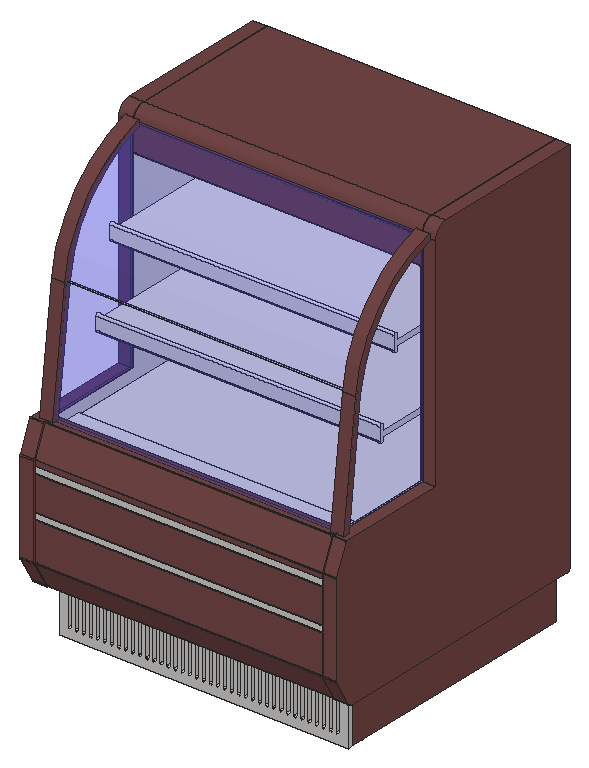
Revit family "QF_Turbo Air_TCGB-36-2", category Specialty Equipment, Revit 2014
Parameters
  Weight in Pounds = 417
  Watermarked By = ""
  Volts = 115 V
  Vent Material = QF_Stainless-Polished
  URL Cutsheet = ""
  URL = "www.turboairinc.com"
  Status [instance] = ""
  Specification by User [instance] = ""
  Specification by Manufacturer [instance] = ""
  Serial Number [instance] = ""
  Revision Code [instance] = ""
  Phase = 1
  Number of Poles [instance] = 1
  NAFEM Spec ID Number [instance] = ""
  Model = "TCGB-36-2"
  Masterspec [instance] = ""
  Manufacturer = "Turbo Air"  # constant formula
  Item Number [instance] = "-"
  Installed By [instance] = ""
  HP = "1/3"
  Furnished By [instance] = ""
  Foodservice Equipment Identifier = yes
  FL Amps = 6.5 A
  Exterior Material = QF_Plastic-Red Wine
  Electrical Remarks [instance] = ""
  Electric Connection Type [instance] = ""
  Elec Conn RI Height [instance] = 0' - 0"
  Elec Conn Connection Height = 0' - 6"
  Description = "Bakery Case"
  Cycle = 60 Hz
  Conn Plug = "NEMA 5-15P"
  CSI MasterFormat = "11 41 13"
  Assembly Code = "E1090320"
  Apparent Power = if(Phase = 3, Volts * FL Amps * 1.73, Volts * FL Amps)  # 747.5 VA
Reference planes (in)
  plane 1 "Handle Back": y = 0
  plane 2: z = 0
  plane 3 "LEFT": x = -16.56573
  plane 4 "RIGHT": x = 19.93427
  plane 5 "FRONT": y = -34.25
  plane 6 "Bottom": z = 0.3125
  plane 7 "Inside Left": x = -14.94073
  plane 8 "Inside Right": x = 18.30927
  plane 9 "BACK": y = -0.75
  plane 10 "Panel Lower": z = 23.25
  plane 11 "Inside Bottom": z = 21.125
  plane 12 "Panel Bottom": z = 6.0625
  plane 13 "TOP": z = 50.125
  plane 14 "Bottom Front": y = -30
  plane 15 "Door Left": x = -13.62823
  plane 16 "Door Right": x = 16.99677
  plane 17 "Lower Shelf": z = 30.6875
  plane 18 "Upper Shelf": z = 39.1875
  plane 19 "Door Top": z = 46.5625
  plane 20 "Door Bottom": z = 22.3125
  plane 21 "CENTER LR": x = 1.68427
Forms (in)
  Extrusion 1, solid, material "QF_Plastic-Red Wine" <- "Exterior Material"
    sketch origin (-16.56573, 0, 0) x (0, 1, 0) y (0, 0, 1)
      loop
        arc (-1.125, 6.0625) -> (-0.85983, 6.17233) -> (-0.75, 6.4375) r 0.375
        line (-0.75, 6.4375) -> (-0.75, 50.125) -> (-18.5, 50.125)
        arc (-18.5, 50.125) -> (-19.56066, 49.68566) -> (-20, 48.625) r 1.5
        line (-20, 48.625) -> (-20, 23.25) -> (-32.77179, 23.25)
        arc (-32.77179, 23.25) -> (-32.8059, 23.23987) -> (-32.82896, 23.21277) r 0.0625
        line (-32.82896, 23.21277) -> (-34.21799, 20.07001)
        arc (-34.21799, 20.07001) -> (-34.24191, 19.99589) -> (-34.25, 19.91842) r 0.375
        line (-34.25, 19.91842) -> (-34.25, 9.41058)
        arc (-34.25, 9.41058) -> (-34.23722, 9.31352) -> (-34.19976, 9.22308) r 0.375
        line (-34.19976, 9.22308) -> (-32.48325, 6.25)
        arc (-32.48325, 6.25) -> (-32.34599, 6.11274) -> (-32.15849, 6.0625) r 0.375
        line (-32.15849, 6.0625) -> (-1.125, 6.0625)
    from 0 to 1.625
  Extrusion 2, solid, material "QF_Plastic-Red Wine" <- "Exterior Material"
    sketch origin (19.93427, 0, 0) x (0, 1, 0) y (0, 0, 1)
      loop
        arc (-1.125, 6.0625) -> (-0.85983, 6.17233) -> (-0.75, 6.4375) r 0.375
        line (-0.75, 6.4375) -> (-0.75, 50.125) -> (-18.5, 50.125)
        arc (-18.5, 50.125) -> (-19.56066, 49.68566) -> (-20, 48.625) r 1.5
        line (-20, 48.625) -> (-20, 23.25) -> (-32.77179, 23.25)
        arc (-32.77179, 23.25) -> (-32.8059, 23.23987) -> (-32.82896, 23.21277) r 0.0625
        line (-32.82896, 23.21277) -> (-34.21799, 20.07001)
        arc (-34.21799, 20.07001) -> (-34.24191, 19.99589) -> (-34.25, 19.91842) r 0.375
        line (-34.25, 19.91842) -> (-34.25, 9.41058)
        arc (-34.25, 9.41058) -> (-34.23722, 9.31352) -> (-34.19976, 9.22308) r 0.375
        line (-34.19976, 9.22308) -> (-32.48325, 6.25)
        arc (-32.48325, 6.25) -> (-32.34599, 6.11274) -> (-32.15849, 6.0625) r 0.375
        line (-32.15849, 6.0625) -> (-1.125, 6.0625)
    from 0 to -1.625
  Extrusion 3, solid, material "QF_Plastic-Red Wine" <- "Exterior Material"
    sketch origin (-14.94073, 0, 0) x (0, 1, 0) y (0, 0, 1)
      loop
        line (-31.625, 23.25) -> (-29.95691, 36.83548)
        arc (-29.95691, 36.83548) -> (-26.72363, 44.11107) -> (-20, 48.375) r 13.75
        line (-20, 48.375) -> (-20, 48.625)
        arc (-20, 48.625) -> (-19.97988, 48.86988) -> (-19.92004, 49.10819) r 1.5
        arc (-19.92004, 49.10819) -> (-27.15455, 44.66306) -> (-30.63919, 36.92003) r 14.4375
        line (-30.63919, 36.92003) -> (-32.31766, 23.25) -> (-31.625, 23.25)
    from -0.875 to 0.625
  Extrusion 4, solid, material "QF_Plastic-Red Wine" <- "Exterior Material"
    sketch origin (18.30927, 0, 0) x (0, 1, 0) y (0, 0, 1)
      loop
        line (-31.625, 23.25) -> (-29.95691, 36.83548)
        arc (-29.95691, 36.83548) -> (-26.72363, 44.11107) -> (-20, 48.375) r 13.75
        line (-20, 48.375) -> (-20, 48.625)
        arc (-20, 48.625) -> (-19.97988, 48.86988) -> (-19.92004, 49.10819) r 1.5
        arc (-19.92004, 49.10819) -> (-27.15455, 44.66306) -> (-30.63919, 36.92003) r 14.4375
        line (-30.63919, 36.92003) -> (-32.31766, 23.25) -> (-31.625, 23.25)
    from 0.875 to -0.625
  Extrusion 5, solid, material "QF_Glass-Cast-Clear"
    sketch origin (-14.94073, 0, 0) x (0, 1, 0) y (0, 0, 1)
      loop
        arc (-20, 48.375) -> (-26.72363, 44.11107) -> (-29.95691, 36.83548) r 13.75
        line (-29.95691, 36.83548) -> (-31.625, 23.25) -> (-20, 23.25) -> (-20, 48.375)
    from 0 to -0.25
  Extrusion 6, solid, material "QF_Glass-Cast-Clear"
    sketch origin (18.30927, 0, 0) x (0, 1, 0) y (0, 0, 1)
      loop
        arc (-20, 48.375) -> (-26.72363, 44.11107) -> (-29.95691, 36.83548) r 13.75
        line (-29.95691, 36.83548) -> (-31.625, 23.25) -> (-20, 23.25) -> (-20, 48.375)
    from 0 to 0.25
  Extrusion 7, solid, material "QF_Plastic-Red Wine" <- "Exterior Material"
    sketch origin (-14.94073, 0, 0) x (0, 1, 0) y (0, 0, 1)
      loop
        line (-0.75, 50.125) -> (-18.5, 50.125)
        arc (-18.5, 50.125) -> (-19.56066, 49.68566) -> (-20, 48.625) r 1.5
        line (-20, 48.625) -> (-20, 45.5)
        arc (-20, 45.5) -> (-19.9375, 45.4375) -> (-19.875, 45.5) r 0.0625
        line (-19.875, 45.5) -> (-19.875, 48.625)
        arc (-19.875, 48.625) -> (-19.81819, 49.01616) -> (-19.65244, 49.375) r 1.375
        line (-19.65244, 49.375) -> (-3.125, 49.375) -> (-3.125, 46.5625) -> (-0.75, 46.5625) -> (-0.75, 50.125)
      loop
        line (-0.75, 14.3125) -> (-0.75, 22.3125) -> (-3.125, 22.3125) -> (-3.125, 14.3125) -> (-0.75, 14.3125)
    from 0 to 33.25
  Extrusion 8, solid, material "QF_Plastic-Red Wine" <- "Exterior Material"
    sketch origin (0, 0, 0.3125) x (0, 1, 0) y (-1, 0, 0)
      loop
        line (-0.75, 14.94073) -> (-30, 14.94073) -> (-30, -18.30927) -> (-0.75, -18.30927) -> (-0.75, 14.94073)
      loop
        line (-29.75, 14.69073) -> (-29.75, -18.05927) -> (-1, -18.05927) -> (-1, 14.69073) -> (-29.75, 14.69073)
    from 0 to 14
  Extrusion 9, solid, material "QF_Plastic-Red Wine" <- "Exterior Material"
    sketch origin (0, 0, 0.3125) x (0, 1, 0) y (-1, 0, 0)
      loop
        line (-29.75, -18.05927) -> (-1, -18.05927) -> (-1, 14.69073) -> (-29.75, 14.69073) -> (-29.75, -18.05927)
    from 0 to 0.25
  Extrusion 10, solid, material "QF_Stainless-Polished" <- "Vent Material"
    sketch origin (0, -30, 0) x (1, 0, 0) y (0, 0, 1)
      loop
        line (-14.94073, 6.1875) -> (-14.94073, 0.3125) -> (18.30927, 0.3125) -> (18.30927, 6.1875) -> (-14.94073, 6.1875)
    from 0 to 0.5625
  Extrusion 11, void
    sketch origin (0, -30, 0) x (1, 0, 0) y (0, 0, 1)
      loop
        arc (-13.94073, 1.5625) -> (-13.75323, 1.375) -> (-13.56573, 1.5625) r 0.1875
        line (-13.56573, 1.5625) -> (-13.56573, 5.125)
        arc (-13.56573, 5.125) -> (-13.75323, 5.3125) -> (-13.94073, 5.125) r 0.1875
        line (-13.94073, 5.125) -> (-13.94073, 1.5625)
      loop
        arc (-13.12823, 1.5625) -> (-12.94073, 1.375) -> (-12.75323, 1.5625) r 0.1875
        line (-12.75323, 1.5625) -> (-12.75323, 5.125)
        arc (-12.75323, 5.125) -> (-12.94073, 5.3125) -> (-13.12823, 5.125) r 0.1875
        line (-13.12823, 5.125) -> (-13.12823, 1.5625)
      loop
        arc (-12.31573, 1.5625) -> (-12.12823, 1.375) -> (-11.94073, 1.5625) r 0.1875
        line (-11.94073, 1.5625) -> (-11.94073, 5.125)
        arc (-11.94073, 5.125) -> (-12.12823, 5.3125) -> (-12.31573, 5.125) r 0.1875
        line (-12.31573, 5.125) -> (-12.31573, 1.5625)
      loop
        arc (-11.50323, 1.5625) -> (-11.31573, 1.375) -> (-11.12823, 1.5625) r 0.1875
        line (-11.12823, 1.5625) -> (-11.12823, 5.125)
        arc (-11.12823, 5.125) -> (-11.31573, 5.3125) -> (-11.50323, 5.125) r 0.1875
        line (-11.50323, 5.125) -> (-11.50323, 1.5625)
      loop
        arc (-10.69073, 1.5625) -> (-10.50323, 1.375) -> (-10.31573, 1.5625) r 0.1875
        line (-10.31573, 1.5625) -> (-10.31573, 5.125)
        arc (-10.31573, 5.125) -> (-10.50323, 5.3125) -> (-10.69073, 5.125) r 0.1875
        line (-10.69073, 5.125) -> (-10.69073, 1.5625)
      loop
        arc (-9.87823, 1.5625) -> (-9.69073, 1.375) -> (-9.50323, 1.5625) r 0.1875
        line (-9.50323, 1.5625) -> (-9.50323, 5.125)
        arc (-9.50323, 5.125) -> (-9.69073, 5.3125) -> (-9.87823, 5.125) r 0.1875
        line (-9.87823, 5.125) -> (-9.87823, 1.5625)
      loop
        arc (-9.06573, 1.5625) -> (-8.87823, 1.375) -> (-8.69073, 1.5625) r 0.1875
        line (-8.69073, 1.5625) -> (-8.69073, 5.125)
        arc (-8.69073, 5.125) -> (-8.87823, 5.3125) -> (-9.06573, 5.125) r 0.1875
        line (-9.06573, 5.125) -> (-9.06573, 1.5625)
      loop
        arc (-8.25323, 1.5625) -> (-8.06573, 1.375) -> (-7.87823, 1.5625) r 0.1875
        line (-7.87823, 1.5625) -> (-7.87823, 5.125)
        arc (-7.87823, 5.125) -> (-8.06573, 5.3125) -> (-8.25323, 5.125) r 0.1875
        line (-8.25323, 5.125) -> (-8.25323, 1.5625)
      loop
        arc (-7.44073, 1.5625) -> (-7.25323, 1.375) -> (-7.06573, 1.5625) r 0.1875
        line (-7.06573, 1.5625) -> (-7.06573, 5.125)
        arc (-7.06573, 5.125) -> (-7.25323, 5.3125) -> (-7.44073, 5.125) r 0.1875
        line (-7.44073, 5.125) -> (-7.44073, 1.5625)
      loop
        arc (-6.62823, 1.5625) -> (-6.44073, 1.375) -> (-6.25323, 1.5625) r 0.1875
        line (-6.25323, 1.5625) -> (-6.25323, 5.125)
        arc (-6.25323, 5.125) -> (-6.44073, 5.3125) -> (-6.62823, 5.125) r 0.1875
        line (-6.62823, 5.125) -> (-6.62823, 1.5625)
      loop
        arc (-5.81573, 1.5625) -> (-5.62823, 1.375) -> (-5.44073, 1.5625) r 0.1875
        line (-5.44073, 1.5625) -> (-5.44073, 5.125)
        arc (-5.44073, 5.125) -> (-5.62823, 5.3125) -> (-5.81573, 5.125) r 0.1875
        line (-5.81573, 5.125) -> (-5.81573, 1.5625)
      loop
        arc (-5.00323, 1.5625) -> (-4.81573, 1.375) -> (-4.62823, 1.5625) r 0.1875
        line (-4.62823, 1.5625) -> (-4.62823, 5.125)
        arc (-4.62823, 5.125) -> (-4.81573, 5.3125) -> (-5.00323, 5.125) r 0.1875
        line (-5.00323, 5.125) -> (-5.00323, 1.5625)
      loop
        arc (-4.19073, 1.5625) -> (-4.00323, 1.375) -> (-3.81573, 1.5625) r 0.1875
        line (-3.81573, 1.5625) -> (-3.81573, 5.125)
        arc (-3.81573, 5.125) -> (-4.00323, 5.3125) -> (-4.19073, 5.125) r 0.1875
        line (-4.19073, 5.125) -> (-4.19073, 1.5625)
      loop
        arc (-3.37823, 1.5625) -> (-3.19073, 1.375) -> (-3.00323, 1.5625) r 0.1875
        line (-3.00323, 1.5625) -> (-3.00323, 5.125)
        arc (-3.00323, 5.125) -> (-3.19073, 5.3125) -> (-3.37823, 5.125) r 0.1875
        line (-3.37823, 5.125) -> (-3.37823, 1.5625)
      loop
        arc (-2.56573, 1.5625) -> (-2.37823, 1.375) -> (-2.19073, 1.5625) r 0.1875
        line (-2.19073, 1.5625) -> (-2.19073, 5.125)
        arc (-2.19073, 5.125) -> (-2.37823, 5.3125) -> (-2.56573, 5.125) r 0.1875
        line (-2.56573, 5.125) -> (-2.56573, 1.5625)
      loop
        arc (-1.75323, 1.5625) -> (-1.56573, 1.375) -> (-1.37823, 1.5625) r 0.1875
        line (-1.37823, 1.5625) -> (-1.37823, 5.125)
        arc (-1.37823, 5.125) -> (-1.56573, 5.3125) -> (-1.75323, 5.125) r 0.1875
        line (-1.75323, 5.125) -> (-1.75323, 1.5625)
      loop
        arc (-0.94073, 1.5625) -> (-0.75323, 1.375) -> (-0.56573, 1.5625) r 0.1875
        line (-0.56573, 1.5625) -> (-0.56573, 5.125)
        arc (-0.56573, 5.125) -> (-0.75323, 5.3125) -> (-0.94073, 5.125) r 0.1875
        line (-0.94073, 5.125) -> (-0.94073, 1.5625)
      loop
        arc (-0.12823, 1.5625) -> (0.05927, 1.375) -> (0.24677, 1.5625) r 0.1875
        line (0.24677, 1.5625) -> (0.24677, 5.125)
        arc (0.24677, 5.125) -> (0.05927, 5.3125) -> (-0.12823, 5.125) r 0.1875
        line (-0.12823, 5.125) -> (-0.12823, 1.5625)
      loop
        arc (0.68427, 1.5625) -> (0.87177, 1.375) -> (1.05927, 1.5625) r 0.1875
        line (1.05927, 1.5625) -> (1.05927, 5.125)
        arc (1.05927, 5.125) -> (0.87177, 5.3125) -> (0.68427, 5.125) r 0.1875
        line (0.68427, 5.125) -> (0.68427, 1.5625)
      loop
        arc (1.49677, 1.5625) -> (1.68427, 1.375) -> (1.87177, 1.5625) r 0.1875
        line (1.87177, 1.5625) -> (1.87177, 5.125)
        arc (1.87177, 5.125) -> (1.68427, 5.3125) -> (1.49677, 5.125) r 0.1875
        line (1.49677, 5.125) -> (1.49677, 1.5625)
      loop
        arc (2.30927, 1.5625) -> (2.49677, 1.375) -> (2.68427, 1.5625) r 0.1875
        line (2.68427, 1.5625) -> (2.68427, 5.125)
        arc (2.68427, 5.125) -> (2.49677, 5.3125) -> (2.30927, 5.125) r 0.1875
        line (2.30927, 5.125) -> (2.30927, 1.5625)
      loop
        arc (3.12177, 1.5625) -> (3.30927, 1.375) -> (3.49677, 1.5625) r 0.1875
        line (3.49677, 1.5625) -> (3.49677, 5.125)
        arc (3.49677, 5.125) -> (3.30927, 5.3125) -> (3.12177, 5.125) r 0.1875
        line (3.12177, 5.125) -> (3.12177, 1.5625)
      loop
        arc (3.93427, 1.5625) -> (4.12177, 1.375) -> (4.30927, 1.5625) r 0.1875
        line (4.30927, 1.5625) -> (4.30927, 5.125)
        arc (4.30927, 5.125) -> (4.12177, 5.3125) -> (3.93427, 5.125) r 0.1875
        line (3.93427, 5.125) -> (3.93427, 1.5625)
      loop
        arc (4.74677, 1.5625) -> (4.93427, 1.375) -> (5.12177, 1.5625) r 0.1875
        line (5.12177, 1.5625) -> (5.12177, 5.125)
        arc (5.12177, 5.125) -> (4.93427, 5.3125) -> (4.74677, 5.125) r 0.1875
        line (4.74677, 5.125) -> (4.74677, 1.5625)
      loop
        arc (5.55927, 1.5625) -> (5.74677, 1.375) -> (5.93427, 1.5625) r 0.1875
        line (5.93427, 1.5625) -> (5.93427, 5.125)
        arc (5.93427, 5.125) -> (5.74677, 5.3125) -> (5.55927, 5.125) r 0.1875
        line (5.55927, 5.125) -> (5.55927, 1.5625)
      loop
        arc (6.37177, 1.5625) -> (6.55927, 1.375) -> (6.74677, 1.5625) r 0.1875
        line (6.74677, 1.5625) -> (6.74677, 5.125)
        arc (6.74677, 5.125) -> (6.55927, 5.3125) -> (6.37177, 5.125) r 0.1875
        line (6.37177, 5.125) -> (6.37177, 1.5625)
      loop
        arc (7.18427, 1.5625) -> (7.37177, 1.375) -> (7.55927, 1.5625) r 0.1875
        line (7.55927, 1.5625) -> (7.55927, 5.125)
        arc (7.55927, 5.125) -> (7.37177, 5.3125) -> (7.18427, 5.125) r 0.1875
        line (7.18427, 5.125) -> (7.18427, 1.5625)
      loop
        arc (7.99677, 1.5625) -> (8.18427, 1.375) -> (8.37177, 1.5625) r 0.1875
        line (8.37177, 1.5625) -> (8.37177, 5.125)
        arc (8.37177, 5.125) -> (8.18427, 5.3125) -> (7.99677, 5.125) r 0.1875
        line (7.99677, 5.125) -> (7.99677, 1.5625)
      loop
        arc (8.80927, 1.5625) -> (8.99677, 1.375) -> (9.18427, 1.5625) r 0.1875
        line (9.18427, 1.5625) -> (9.18427, 5.125)
        arc (9.18427, 5.125) -> (8.99677, 5.3125) -> (8.80927, 5.125) r 0.1875
        line (8.80927, 5.125) -> (8.80927, 1.5625)
      loop
        arc (9.62177, 1.5625) -> (9.80927, 1.375) -> (9.99677, 1.5625) r 0.1875
        line (9.99677, 1.5625) -> (9.99677, 5.125)
        arc (9.99677, 5.125) -> (9.80927, 5.3125) -> (9.62177, 5.125) r 0.1875
        line (9.62177, 5.125) -> (9.62177, 1.5625)
      loop
        arc (10.43427, 1.5625) -> (10.62177, 1.375) -> (10.80927, 1.5625) r 0.1875
        line (10.80927, 1.5625) -> (10.80927, 5.125)
        arc (10.80927, 5.125) -> (10.62177, 5.3125) -> (10.43427, 5.125) r 0.1875
        line (10.43427, 5.125) -> (10.43427, 1.5625)
      loop
        arc (11.24677, 1.5625) -> (11.43427, 1.375) -> (11.62177, 1.5625) r 0.1875
        line (11.62177, 1.5625) -> (11.62177, 5.125)
        arc (11.62177, 5.125) -> (11.43427, 5.3125) -> (11.24677, 5.125) r 0.1875
        line (11.24677, 5.125) -> (11.24677, 1.5625)
      loop
        arc (12.05927, 1.5625) -> (12.24677, 1.375) -> (12.43427, 1.5625) r 0.1875
        line (12.43427, 1.5625) -> (12.43427, 5.125)
        arc (12.43427, 5.125) -> (12.24677, 5.3125) -> (12.05927, 5.125) r 0.1875
        line (12.05927, 5.125) -> (12.05927, 1.5625)
      loop
        arc (12.87177, 1.5625) -> (13.05927, 1.375) -> (13.24677, 1.5625) r 0.1875
        line (13.24677, 1.5625) -> (13.24677, 5.125)
        arc (13.24677, 5.125) -> (13.05927, 5.3125) -> (12.87177, 5.125) r 0.1875
        line (12.87177, 5.125) -> (12.87177, 1.5625)
      loop
        arc (13.68427, 1.5625) -> (13.87177, 1.375) -> (14.05927, 1.5625) r 0.1875
        line (14.05927, 1.5625) -> (14.05927, 5.125)
        arc (14.05927, 5.125) -> (13.87177, 5.3125) -> (13.68427, 5.125) r 0.1875
        line (13.68427, 5.125) -> (13.68427, 1.5625)
      loop
        arc (14.49677, 1.5625) -> (14.68427, 1.375) -> (14.87177, 1.5625) r 0.1875
        line (14.87177, 1.5625) -> (14.87177, 5.125)
        arc (14.87177, 5.125) -> (14.68427, 5.3125) -> (14.49677, 5.125) r 0.1875
        line (14.49677, 5.125) -> (14.49677, 1.5625)
      loop
        arc (15.30927, 1.5625) -> (15.49677, 1.375) -> (15.68427, 1.5625) r 0.1875
        line (15.68427, 1.5625) -> (15.68427, 5.125)
        arc (15.68427, 5.125) -> (15.49677, 5.3125) -> (15.30927, 5.125) r 0.1875
        line (15.30927, 5.125) -> (15.30927, 1.5625)
      loop
        arc (16.12177, 1.5625) -> (16.30927, 1.375) -> (16.49677, 1.5625) r 0.1875
        line (16.49677, 1.5625) -> (16.49677, 5.125)
        arc (16.49677, 5.125) -> (16.30927, 5.3125) -> (16.12177, 5.125) r 0.1875
        line (16.12177, 5.125) -> (16.12177, 1.5625)
      loop
        arc (16.93427, 1.5625) -> (17.12177, 1.375) -> (17.30927, 1.5625) r 0.1875
        line (17.30927, 1.5625) -> (17.30927, 5.125)
        arc (17.30927, 5.125) -> (17.12177, 5.3125) -> (16.93427, 5.125) r 0.1875
        line (16.93427, 5.125) -> (16.93427, 1.5625)
    from -0.25 to 0.5625
  Extrusion 12, solid, material "QF_Plastic-Red Wine" <- "Exterior Material"
    sketch origin (-14.94073, 0, 0) x (0, 1, 0) y (0, 0, 1)
      loop
        line (-0.75, 46.5625) -> (-3.125, 46.5625) -> (-3.125, 22.3125) -> (-0.75, 22.3125) -> (-0.75, 46.5625)
    from 0 to 1.3125
  Extrusion 13, solid, material "QF_Plastic-Red Wine" <- "Exterior Material"
    sketch origin (18.30927, 0, 0) x (0, 1, 0) y (0, 0, 1)
      loop
        line (-0.75, 46.5625) -> (-3.125, 46.5625) -> (-3.125, 22.3125) -> (-0.75, 22.3125) -> (-0.75, 46.5625)
    from 0 to -1.3125
  Extrusion 14, solid, material "QF_Glass-Cast-Clear"
    sketch origin (-14.94073, 0, 0) x (0, 1, 0) y (0, 0, 1)
      loop
        arc (-30.01894, 36.84316) -> (-26.76529, 44.15845) -> (-20, 48.43986) r 13.8125
        line (-20, 48.43986) -> (-20, 48.625)
        arc (-20, 48.625) -> (-19.99639, 48.72898) -> (-19.98558, 48.83246) r 1.5
        arc (-19.98558, 48.83246) -> (-27.01031, 44.44827) -> (-30.39109, 36.88929) r 14.1875
        line (-30.39109, 36.88929) -> (-32.06579, 23.25) -> (-31.68797, 23.25) -> (-30.01894, 36.84316)
    from 0.625 to 32.625
  Extrusion 15, solid, material "QF_Plastic-Red Wine" <- "Exterior Material"
    sketch origin (-14.94073, 0, 0) x (0, 1, 0) y (0, 0, 1)
      loop
        line (-32.77708, 23.17553) -> (-34.17683, 20.00854)
        arc (-34.17683, 20.00854) -> (-34.1848, 19.98383) -> (-34.1875, 19.95801) r 0.125
        line (-34.1875, 19.95801) -> (-34.1875, 19.4219) -> (-33.8125, 19.4219) -> (-33.8125, 19.90522) -> (-32.49992, 22.875) -> (-31.20917, 22.875) -> (-31.20917, 23.25) -> (-32.66275, 23.25)
        arc (-32.66275, 23.25) -> (-32.73097, 23.22974) -> (-32.77708, 23.17553) r 0.125
      loop
        line (-34.17075, 9.29784) -> (-32.41108, 6.25)
        arc (-32.41108, 6.25) -> (-32.36533, 6.20425) -> (-32.30283, 6.1875) r 0.125
        line (-32.30283, 6.1875) -> (-30, 6.1875) -> (-30, 6.5625) -> (-32.15849, 6.5625) -> (-33.8125, 9.42732) -> (-33.8125, 13.8594) -> (-34.1875, 13.8594) -> (-34.1875, 9.36034)
        arc (-34.1875, 9.36034) -> (-34.18324, 9.32798) -> (-34.17075, 9.29784) r 0.125
      loop
        line (-34.1875, 18.6094) -> (-34.1875, 14.6094) -> (-33.8125, 14.6094) -> (-33.8125, 18.6094) -> (-34.1875, 18.6094)
    from 0 to 33.25
  Extrusion 16, solid, material "QF_Stainless-Polished"
    sketch origin (-14.94073, 0, 0) x (0, 1, 0) y (0, 0, 1)
      loop
        line (-34.1875, 19.3594) -> (-34.1875, 18.6719) -> (-33.8125, 18.6719) -> (-33.8125, 19.3594) -> (-34.1875, 19.3594)
      loop
        line (-34.1875, 14.5469) -> (-34.1875, 13.9219) -> (-33.8125, 13.9219) -> (-33.8125, 14.5469) -> (-34.1875, 14.5469)
    from 0 to 33.25
  Extrusion 17, solid, material "QF_Plastic-Opaque-White"
    sketch origin (-14.94073, 0, 0) x (0, 1, 0) y (0, 0, 1)
      loop
        line (-3.125, 21.125) -> (-28.125, 21.125) -> (-28.125, 22.25) -> (-31.20917, 22.25) -> (-31.20917, 22.875) -> (-32.49992, 22.875) -> (-33.8125, 19.90522) -> (-33.8125, 9.42732) -> (-32.15849, 6.5625) -> (-30, 6.5625) -> (-30, 14.3125) -> (-3.125, 14.3125) -> (-3.125, 21.125)
    from 0 to 33.25
  Extrusion 18, solid, material "QF_Plastic-Opaque-White"
    sketch origin (-14.94073, 0, 0) x (0, 1, 0) y (0, 0, 1)
      loop
        line (-3.125, 21.125) -> (-3.125, 49.375) -> (-5.875, 49.375) -> (-5.875, 21.125) -> (-3.125, 21.125)
    from 0 to 1.3125
  Extrusion 19, solid, material "QF_Plastic-Opaque-White"
    sketch origin (18.30927, 0, 0) x (0, 1, 0) y (0, 0, 1)
      loop
        line (-3.125, 21.125) -> (-3.125, 49.375) -> (-5.875, 49.375) -> (-5.875, 21.125) -> (-3.125, 21.125)
    from 0 to -1.3125
  Extrusion 20, solid, material "QF_Plastic-Opaque-White"
    sketch origin (-13.62823, 0, 0) x (0, 1, 0) y (0, 0, 1)
      loop
        line (-5.875, 49.375) -> (-5.875, 46.5625) -> (-3.125, 46.5625) -> (-3.125, 49.375) -> (-5.875, 49.375)
      loop
        line (-5.875, 21.125) -> (-3.125, 21.125) -> (-3.125, 22.3125) -> (-5.875, 22.3125) -> (-5.875, 21.125)
    from 0 to 30.625
  Extrusion 21, solid, material "QF_Plastic-Opaque-White"
    sketch origin (-14.94073, 0, 0) x (0, 1, 0) y (0, 0, 1)
      loop
        line (-5.875, 49.375) -> (-19.65244, 49.375)
        arc (-19.65244, 49.375) -> (-19.81819, 49.01616) -> (-19.875, 48.625) r 1.375
        line (-19.875, 48.625) -> (-19.875, 48.375) -> (-18.375, 48.375) -> (-18.375, 47.375) -> (-5.875, 47.375) -> (-5.875, 49.375)
    from 0 to 33.25
  Extrusion 22, solid, material "QF_Plastic-Opaque-White"
    sketch origin (-14.94073, 0, 0) x (0, 1, 0) y (0, 0, 1)
      loop
        line (-20, 45.5) -> (-20, 23.25) -> (-31.20917, 23.25) -> (-31.20917, 22.25) -> (-28.125, 22.25) -> (-28.125, 21.125) -> (-28.0625, 21.125) -> (-28.0625, 21.9375) -> (-7.5, 21.9375) -> (-7.5, 21.125) -> (-7.4375, 21.125) -> (-7.4375, 21.9375) -> (-5.9375, 21.9375) -> (-5.9375, 21.125) -> (-5.875, 21.125) -> (-5.875, 47.375) -> (-18.375, 47.375) -> (-18.375, 48.375) -> (-19.875, 48.375) -> (-19.875, 45.5)
        arc (-19.875, 45.5) -> (-19.9375, 45.4375) -> (-20, 45.5) r 0.0625
    from 0 to 0.0625
  Extrusion 23, solid, material "QF_Plastic-Opaque-White"
    sketch origin (18.30927, 0, 0) x (0, 1, 0) y (0, 0, 1)
      loop
        line (-20, 45.5) -> (-20, 23.25) -> (-31.20917, 23.25) -> (-31.20917, 22.25) -> (-28.125, 22.25) -> (-28.125, 21.125) -> (-28.0625, 21.125) -> (-28.0625, 21.9375) -> (-7.5, 21.9375) -> (-7.5, 21.125) -> (-7.4375, 21.125) -> (-7.4375, 21.9375) -> (-5.9375, 21.9375) -> (-5.9375, 21.125) -> (-5.875, 21.125) -> (-5.875, 47.375) -> (-18.375, 47.375) -> (-18.375, 48.375) -> (-19.875, 48.375) -> (-19.875, 45.5)
        arc (-19.875, 45.5) -> (-19.9375, 45.4375) -> (-20, 45.5) r 0.0625
    from 0 to -0.0625
  Extrusion 24, solid, material "QF_Plastic-Opaque-White"
    sketch origin (-14.94073, 0, 0) x (0, 1, 0) y (0, 0, 1)
      loop
        line (-5.9375, 21.125) -> (-5.9375, 21.9375) -> (-7.4375, 21.9375) -> (-7.4375, 21.125) -> (-5.9375, 21.125)
      loop
        line (-7.5, 21.9375) -> (-28.0625, 21.9375) -> (-28.0625, 21.125) -> (-7.5, 21.125) -> (-7.5, 21.9375)
    from 0 to 33.25
  Extrusion 25, solid, material "QF_Plastic-Opaque-White"
    sketch origin (-14.94073, 0, 0) x (0, 1, 0) y (0, 0, 1)
      loop
        line (-5.875, 30.6875) -> (-25.25, 30.6875) -> (-25.25, 31.25)
        arc (-25.25, 31.25) -> (-25.4375, 31.4375) -> (-25.625, 31.25) r 0.1875
        line (-25.625, 31.25) -> (-25.625, 29.6875)
        arc (-25.625, 29.6875) -> (-25.4375, 29.5) -> (-25.25, 29.6875) r 0.1875
        line (-25.25, 29.6875) -> (-25.25, 30.0625) -> (-5.875, 30.0625) -> (-5.875, 30.6875)
      loop
        line (-5.875, 39.1875) -> (-23.25, 39.1875) -> (-23.25, 39.75)
        arc (-23.25, 39.75) -> (-23.4375, 39.9375) -> (-23.625, 39.75) r 0.1875
        line (-23.625, 39.75) -> (-23.625, 38.1875)
        arc (-23.625, 38.1875) -> (-23.4375, 38) -> (-23.25, 38.1875) r 0.1875
        line (-23.25, 38.1875) -> (-23.25, 38.5625) -> (-5.875, 38.5625) -> (-5.875, 39.1875)
    from 0.25 to 33
  Extrusion 26, solid, material "QF_Plastic-Black-Fine Textured"
    sketch origin (0, -0.75, 0) x (1, 0, 0) y (0, 0, 1)
      loop
        line (-13.62823, 46.5625) -> (-13.62823, 22.3125) -> (2.18427, 22.3125) -> (2.18427, 46.5625) -> (-13.62823, 46.5625)
      loop
        line (1.18427, 45.5625) -> (-12.62823, 45.5625) -> (-12.62823, 23.3125) -> (1.18427, 23.3125) -> (1.18427, 45.5625)
    from 1.1875 to 2.375
  Extrusion 27, solid, material "QF_Glass-Cast-Clear"
    sketch origin (0, -0.75, 0) x (1, 0, 0) y (0, 0, 1)
      loop
        line (-12.62823, 45.5625) -> (-12.62823, 23.3125) -> (1.18427, 23.3125) -> (1.18427, 45.5625) -> (-12.62823, 45.5625)
    from 1.4375 to 2.125
  Extrusion 28, solid, material "QF_Plastic-Black-Fine Textured"
    sketch origin (0, -0.75, 0) x (1, 0, 0) y (0, 0, 1)
      loop
        line (1.18427, 46.5625) -> (1.18427, 22.3125) -> (16.99677, 22.3125) -> (16.99677, 46.5625) -> (1.18427, 46.5625)
      loop
        line (2.18427, 45.5625) -> (2.18427, 23.3125) -> (15.99677, 23.3125) -> (15.99677, 45.5625) -> (2.18427, 45.5625)
    from 0 to 1.1875
  Extrusion 29, solid, material "QF_Glass-Cast-Clear"
    sketch origin (0, -0.75, 0) x (1, 0, 0) y (0, 0, 1)
      loop
        line (2.18427, 45.5625) -> (2.18427, 23.3125) -> (15.99677, 23.3125) -> (15.99677, 45.5625) -> (2.18427, 45.5625)
    from 0.25 to 0.9375
  Extrusion 30, solid, material "QF_Plastic-Black-Fine Textured"
    sketch origin (16.99677, 0, 0) x (0, 1, 0) y (0, 0, 1)
      loop
        line (0, 29.0625) -> (0, 39.8125) -> (-0.75, 40.3125) -> (-0.75, 28.5625) -> (0, 29.0625)
    from -0.75 to -1
  Extrusion 31, solid, material "QF_Plastic-Black-Fine Textured"
    sketch origin (-13.62823, -1.1875, 0) x (0, 1, 0) y (0, 0, 1)
      loop
        line (0, 29.0625) -> (0, 39.8125) -> (-0.75, 40.3125) -> (-0.75, 28.5625) -> (0, 29.0625)
    from 0.75 to 1
  Extrusion 32, solid, material "QF_Plastic-Black-Fine Textured"
    sketch origin (0, 0, 0) x (1, 0, 0) y (0, 1, 0)
      loop
        circle (-14.00323, -2.625) r 0.5625
      loop
        circle (-14.00323, -28.0625) r 0.5625
      loop
        circle (17.37177, -2.625) r 0.5625
      loop
        circle (17.37177, -28.0625) r 0.5625
    from 0 to 0.3125
  Extrusion 33, solid, material "QF_Plastic-Red Wine" <- "Exterior Material"
    sketch origin (0, -0.75, 0) x (1, 0, 0) y (0, 0, 1)
      loop
        circle (1.68427, 6) r 0.25
    from 0 to -0.0625
Cuts and joins
  Extrusion 11 cuts Extrusion 8
  Extrusion 11 cuts Extrusion 10
Lines and regions (in)
  symbolic lines
    curve 1: line (-16.56573, -0.75, 0) -> (19.93427, -0.75, 0)
    curve 2: line (-16.56573, -34.25, 0) -> (-16.56573, -0.75, 0)
    curve 3: line (19.93427, -34.25, 0) -> (-16.56573, -34.25, 0)
    curve 4: line (19.93427, -0.75, 0) -> (19.93427, -34.25, 0)
    curve 5: line (-14.94073, -0.75, 0) -> (-14.94073, -19.92004, 0)
    curve 6: line (-15.81573, -19.92004, 0) -> (-14.31573, -19.92004, 0)
    curve 7: line (-15.81573, -19.92004, 0) -> (-15.81573, -32.31766, 0)
    curve 8: line (-14.31573, -32.31766, 0) -> (-14.31573, -19.92004, 0)
    curve 9: line (-15.81573, -20, 0) -> (-16.56573, -20, 0)
    curve 10: line (-15.81573, -32.31766, 0) -> (-14.31573, -32.31766, 0)
    curve 11: line (-14.94073, -32.31766, 0) -> (-14.94073, -34.25, 0)
    curve 12: line (17.68427, -19.92004, 0) -> (19.18427, -19.92004, 0)
    curve 13: line (17.68427, -19.92004, 0) -> (17.68427, -32.31766, 0)
    curve 14: line (19.18427, -32.31766, 0) -> (19.18427, -19.92004, 0)
    curve 15: line (17.68427, -32.31766, 0) -> (19.18427, -32.31766, 0)
    curve 16: line (18.30927, -32.31766, 0) -> (18.30927, -34.25, 0)
    curve 17: line (18.30927, -19.92004, 0) -> (18.30927, -0.75, 0)
    curve 18: line (15.99677, -0.75, 0) -> (15.99677, 0, 0)
    curve 19: line (15.99677, 0, 0) -> (16.24677, 0, 0)
    curve 20: line (16.24677, 0, 0) -> (16.24677, -0.75, 0)
    curve 21: line (19.18427, -20, 0) -> (19.93427, -20, 0)
    curve 22: line (17.68427, -20, 0) -> (-14.31573, -20, 0)
    curve 23: line (-14.31573, -30.39109, 0) -> (17.68427, -30.39109, 0)
    curve 24: line (17.68427, -32.06579, 0) -> (-14.31573, -32.06579, 0)
Dimensions and locks (in)
  locked: plane 3 "LEFT" to plane 4 "RIGHT" at 36.5
  locked: plane 5 "FRONT" to plane 1 "Handle Back" at 34.25
  locked: plane 6 "Bottom" to plane 2 at 0.3125
  locked: plane 3 "LEFT" to plane 7 "Inside Left" at 1.625
  locked: plane 8 "Inside Right" to plane 4 "RIGHT" at 1.625
  locked: plane 9 "BACK" to plane 1 "Handle Back" at 0.75
  locked: plane 10 "Panel Lower" to level at 23.25
  locked: plane 10 "Panel Lower" to plane 11 "Inside Bottom" at 2.125
  locked: plane 12 "Panel Bottom" to plane 6 "Bottom" at 5.75
  locked: plane 13 "TOP" to level at 50.125
  locked: plane 5 "FRONT" to plane 14 "Bottom Front" at 4.25
  locked: plane 7 "Inside Left" to Extrusion 8 sketch curve at 0.25
  locked: Extrusion 8 sketch curve to plane 8 "Inside Right" at 0.25
  locked: Extrusion 8 sketch curve to plane 14 "Bottom Front" at 0.25
  locked: Extrusion 8 sketch curve to plane 9 "BACK" at 0.25
  locked: plane 7 "Inside Left" to plane 15 "Door Left" at 1.3125
  locked: plane 16 "Door Right" to plane 8 "Inside Right" at 1.3125
  locked: Extrusion 10 sketch curve to plane 12 "Panel Bottom" at 0.125
  locked: plane 17 "Lower Shelf" to plane 11 "Inside Bottom" at 9.5625
  locked: plane 18 "Upper Shelf" to plane 17 "Lower Shelf" at 8.5
  locked: plane 8 "Inside Right" to Extrusion 25 at 0.25
  locked: plane 13 "TOP" to plane 19 "Door Top" at 3.5625
  locked: plane 19 "Door Top" to plane 20 "Door Bottom" at 24.25
  equal spacing: plane 3 "LEFT", plane 21 "CENTER LR", plane 4 "RIGHT"
  locked: Extrusion 26 sketch curve to plane 15 "Door Left" at 1
  locked: plane 19 "Door Top" to Extrusion 26 sketch curve at 1
  Extrusion 26 sketch curve to plane 21 "CENTER LR" to Extrusion 26 sketch curve = 0' - 0 1/2" locked, 0' - 0 1/2" locked
  locked: Extrusion 26 sketch curve to plane 20 "Door Bottom" at 1
  Extrusion 28 sketch curve to plane 21 "CENTER LR" to Extrusion 28 sketch curve = 0' - 0 1/2" locked, 0' - 0 1/2" locked
  locked: plane 19 "Door Top" to Extrusion 28 sketch curve at 1
  locked: Extrusion 28 sketch curve to plane 20 "Door Bottom" at 1
  locked: Extrusion 28 sketch curve to plane 16 "Door Right" at 1
  locked: plane 7 "Inside Left" to Extrusion 32 sketch curve at 0.9375  (x2)
  locked: Extrusion 32 sketch curve to plane 9 "BACK" at 1.875  (x2)
  locked: plane 14 "Bottom Front" to Extrusion 32 sketch curve at 1.9375  (x2)
  locked: Extrusion 32 sketch curve to plane 8 "Inside Right" at 0.9375  (x2)
  locked: Extrusion 33 sketch curve to level at 6
  equal spacing: plane 8 "Inside Right", Extrusion 33 sketch curve, plane 7 "Inside Left"
  aligned and locked: level to plane 2
  aligned and locked: plane 7 "Inside Left" to Extrusion 1
  aligned and locked: Extrusion 2 to plane 8 "Inside Right"
  aligned and locked: plane 8 "Inside Right" to Extrusion 7
  aligned and locked: plane 7 "Inside Left" to Extrusion 8 sketch curve
  aligned and locked: Extrusion 8 sketch curve to plane 8 "Inside Right"
  aligned and locked: plane 9 "BACK" to Extrusion 8 sketch curve
  aligned and locked: Extrusion 8 sketch curve to plane 14 "Bottom Front"
  aligned and locked: plane 7 "Inside Left" to Extrusion 10 sketch curve
  aligned and locked: plane 6 "Bottom" to Extrusion 10 sketch curve
  aligned and locked: plane 15 "Door Left" to Extrusion 12
  aligned and locked: Extrusion 13 to plane 16 "Door Right"
  aligned and locked: plane 8 "Inside Right" to Extrusion 15
  aligned and locked: plane 8 "Inside Right" to Extrusion 16
  aligned and locked: plane 8 "Inside Right" to Extrusion 17
  aligned and locked: plane 15 "Door Left" to Extrusion 18
  aligned and locked: Extrusion 19 to plane 16 "Door Right"
  aligned and locked: plane 16 "Door Right" to Extrusion 20
  aligned and locked: plane 8 "Inside Right" to Extrusion 21
  aligned and locked: plane 8 "Inside Right" to Extrusion 24
  aligned and locked: plane 15 "Door Left" to Extrusion 26 sketch curve
  aligned and locked: Extrusion 26 sketch curve to plane 19 "Door Top"
  aligned and locked: plane 20 "Door Bottom" to Extrusion 26 sketch curve
  aligned and locked: Extrusion 27 sketch curve to Extrusion 26  (x4)
  aligned and locked: Extrusion 28 sketch curve to plane 16 "Door Right"
  aligned and locked: Extrusion 28 sketch curve to plane 19 "Door Top"
  aligned and locked: plane 20 "Door Bottom" to Extrusion 28 sketch curve
  aligned and locked: Extrusion 29 sketch curve to Extrusion 28  (x4)
  aligned and locked: plane 3 "LEFT" to curve 2
  aligned and locked: plane 9 "BACK" to curve 1
  aligned and locked: curve 4 to plane 4 "RIGHT"
  aligned and locked: curve 3 to plane 5 "FRONT"
  aligned and locked: curve 5 to Extrusion 7
  aligned and locked: curve 6 to Extrusion 3
  aligned and locked: curve 7 to Extrusion 3
  aligned and locked: curve 8 to Extrusion 3
  aligned and locked: curve 10 to Extrusion 3
  aligned and locked: curve 12 to Extrusion 4
  aligned and locked: curve 13 to Extrusion 4
  aligned and locked: curve 14 to Extrusion 4
  aligned and locked: curve 15 to Extrusion 4
  aligned and locked: plane 8 "Inside Right" to cut or joined group of Extrusion 10, Extrusion 11
Automatic sketch dimensions
  Extrusion 1 sketch curve to plane 5 "FRONT" = 0' - 0"
  Extrusion 1 sketch curve to plane 10 "Panel Lower" = 0' - 0"
  Extrusion 1 sketch curve to plane 12 "Panel Bottom" = 0' - 0"
  Extrusion 1 sketch curve to plane 13 "TOP" = 0' - 0"
  Extrusion 1 sketch curve to plane 9 "BACK" = 0' - 0"
  Extrusion 1 sketch curve to plane 5 "FRONT" = 0' - 0.03201"
  Extrusion 1 sketch curve to plane 5 "FRONT" = 0' - 0.05024"
  Extrusion 1 sketch curve to Extrusion 1 sketch curve = 0' - 0.32476"  (x2)
  Extrusion 1 sketch curve to plane 5 "FRONT" = 0' - 0 3/8"
  Extrusion 1 sketch curve to plane 10 "Panel Lower" = 0' - 0.03723"
  Extrusion 1 sketch curve to plane 5 "FRONT" = 0' - 1.42104"
  Extrusion 1 sketch curve to Extrusion 1 sketch curve = 0' - 0.05717"
  plane 12 "Panel Bottom" to Extrusion 1 sketch curve = 0' - 0 3/16"
  Extrusion 1 sketch curve to plane 5 "FRONT" = 0' - 1.76675"
  Extrusion 1 sketch curve to plane 13 "TOP" = 0' - 1 1/2"
  Extrusion 1 sketch curve to plane 14 "Bottom Front" = 0' - 10"
  plane 9 "BACK" to Extrusion 1 sketch curve = 0' - 0 3/8"
  plane 12 "Panel Bottom" to Extrusion 1 sketch curve = 0' - 3.16058"
  Extrusion 1 sketch curve to plane 11 "Inside Bottom" = 0' - 1.20658"
  Extrusion 2 sketch curve to plane 5 "FRONT" = 0' - 0"
  Extrusion 2 sketch curve to plane 10 "Panel Lower" = 0' - 0"
  Extrusion 2 sketch curve to plane 12 "Panel Bottom" = 0' - 0"
  Extrusion 2 sketch curve to plane 13 "TOP" = 0' - 0"
  Extrusion 2 sketch curve to plane 9 "BACK" = 0' - 0"
  Extrusion 2 sketch curve to plane 5 "FRONT" = 0' - 0.03201"
  Extrusion 2 sketch curve to plane 5 "FRONT" = 0' - 0.05024"
  Extrusion 2 sketch curve to Extrusion 2 sketch curve = 0' - 0.32476"  (x2)
  Extrusion 2 sketch curve to plane 5 "FRONT" = 0' - 0 3/8"
  Extrusion 2 sketch curve to plane 10 "Panel Lower" = 0' - 0.03723"
  Extrusion 2 sketch curve to plane 5 "FRONT" = 0' - 1.42104"
  Extrusion 2 sketch curve to Extrusion 2 sketch curve = 0' - 0.05717"
  plane 12 "Panel Bottom" to Extrusion 2 sketch curve = 0' - 0 3/16"
  Extrusion 2 sketch curve to plane 5 "FRONT" = 0' - 1.76675"
  Extrusion 2 sketch curve to plane 13 "TOP" = 0' - 1 1/2"
  Extrusion 2 sketch curve to plane 14 "Bottom Front" = 0' - 10"
  plane 9 "BACK" to Extrusion 2 sketch curve = 0' - 0 3/8"
  plane 12 "Panel Bottom" to Extrusion 2 sketch curve = 0' - 3.16058"
  Extrusion 2 sketch curve to plane 11 "Inside Bottom" = 0' - 1.20658"
  Extrusion 3 sketch curve to Extrusion 3 sketch curve = 0' - 0"  (x2)
  Extrusion 3 sketch curve to plane 10 "Panel Lower" = 0' - 0"
  Extrusion 3 sketch curve to plane 5 "FRONT" = 0' - 1.93234"
  Extrusion 3 sketch curve to Extrusion 3 sketch curve = 0' - 0.69266"
  plane 14 "Bottom Front" to Extrusion 3 sketch curve = 0' - 0.63919"
  Extrusion 3 sketch curve to plane 14 "Bottom Front" = 0' - 0.04309"
  Extrusion 3 sketch curve to plane 13 "TOP" = 0' - 1 3/4"
  Extrusion 3 sketch curve to plane 14 "Bottom Front" = 0' - 10"
  Extrusion 3 sketch curve to Extrusion 3 sketch curve = 0' - 1 1/2"
  Extrusion 3 sketch curve to plane 18 "Upper Shelf" = 0' - 4.05903"
  Extrusion 3 sketch curve to Extrusion 3 sketch curve = 0' - 2.18672"
  Extrusion 3 sketch curve to Extrusion 3 sketch curve = 0' - 0.08456"
  Extrusion 3 sketch curve to Extrusion 3 sketch curve = 0' - 0 1/4"
  Extrusion 4 sketch curve to Extrusion 4 sketch curve = 0' - 0"  (x2)
  Extrusion 4 sketch curve to plane 10 "Panel Lower" = 0' - 0"
  Extrusion 4 sketch curve to plane 5 "FRONT" = 0' - 1.93234"
  Extrusion 4 sketch curve to Extrusion 4 sketch curve = 0' - 0.69266"
  plane 14 "Bottom Front" to Extrusion 4 sketch curve = 0' - 0.63919"
  Extrusion 4 sketch curve to plane 14 "Bottom Front" = 0' - 0.04309"
  Extrusion 4 sketch curve to plane 13 "TOP" = 0' - 1 3/4"
  Extrusion 4 sketch curve to plane 14 "Bottom Front" = 0' - 10"
  Extrusion 4 sketch curve to Extrusion 4 sketch curve = 0' - 1 1/2"
  Extrusion 4 sketch curve to plane 18 "Upper Shelf" = 0' - 4.05903"
  Extrusion 4 sketch curve to Extrusion 4 sketch curve = 0' - 2.18672"
  Extrusion 4 sketch curve to Extrusion 4 sketch curve = 0' - 0.08456"
  Extrusion 4 sketch curve to Extrusion 4 sketch curve = 0' - 0 1/4"
  Extrusion 5 sketch curve to plane 10 "Panel Lower" = 0' - 0"
  plane 14 "Bottom Front" to Extrusion 5 sketch curve = 0' - 1 5/8"
  Extrusion 5 sketch curve to plane 14 "Bottom Front" = 0' - 0.04309"
  Extrusion 5 sketch curve to plane 14 "Bottom Front" = 0' - 10"
  Extrusion 5 sketch curve to plane 18 "Upper Shelf" = 0' - 4.05903"
  Extrusion 5 sketch curve to Extrusion 5 sketch curve = 0' - 3.68672"
  Extrusion 5 sketch curve to plane 18 "Upper Shelf" = 0' - 2.35202"
  Extrusion 6 sketch curve to plane 10 "Panel Lower" = 0' - 0"
  plane 14 "Bottom Front" to Extrusion 6 sketch curve = 0' - 1 5/8"
  Extrusion 6 sketch curve to plane 14 "Bottom Front" = 0' - 0.04309"
  Extrusion 6 sketch curve to plane 14 "Bottom Front" = 0' - 10"
  Extrusion 6 sketch curve to plane 18 "Upper Shelf" = 0' - 4.05903"
  Extrusion 6 sketch curve to Extrusion 6 sketch curve = 0' - 3.68672"
  Extrusion 6 sketch curve to plane 18 "Upper Shelf" = 0' - 2.35202"
  Extrusion 7 sketch curve to Extrusion 7 sketch curve = 0' - 0"  (x2)
  Extrusion 7 sketch curve to plane 13 "TOP" = 0' - 0"
  Extrusion 7 sketch curve to plane 19 "Door Top" = 0' - 0"
  Extrusion 7 sketch curve to plane 20 "Door Bottom" = 0' - 0"
  Extrusion 7 sketch curve to plane 9 "BACK" = 0' - 0"  (x2)
  Extrusion 7 sketch curve to Extrusion 7 sketch curve = 0' - 2 3/8"
  Extrusion 7 sketch curve to plane 13 "TOP" = 0' - 0 3/4"
  plane 9 "BACK" to Extrusion 7 sketch curve = 0' - 2 3/8"
  Extrusion 7 sketch curve to plane 14 "Bottom Front" = 0' - 11 1/2"
  Extrusion 7 sketch curve to Extrusion 7 sketch curve = 0' - 1.15244"
  Extrusion 7 sketch curve to Extrusion 7 sketch curve = 0' - 0.22256"
  Extrusion 7 sketch curve to plane 11 "Inside Bottom" = 0' - 6 13/16"
  Extrusion 7 sketch curve to plane 19 "Door Top" = 0' - 1 1/16"
  Extrusion 9 sketch curve to plane 14 "Bottom Front" = 0' - 0 1/4"
  plane 9 "BACK" to Extrusion 9 sketch curve = 0' - 0 1/4"
  Extrusion 9 sketch curve to plane 8 "Inside Right" = 0' - 0 1/4"
  plane 7 "Inside Left" to Extrusion 9 sketch curve = 0' - 0 1/4"
  plane 8 "Inside Right" to Extrusion 10 sketch curve = 0' - 0"
  Extrusion 11 sketch curve to plane 21 "CENTER LR" = 0' - 0"
  Extrusion 11 sketch curve to plane 21 "CENTER LR" = 0' - 0 3/16"
  Extrusion 11 sketch curve to Extrusion 11 sketch curve = 0' - 0 7/16"  (x36)
  Extrusion 11 sketch curve to Extrusion 11 sketch curve = 0' - 0 3/16"  (x36)
  plane 15 "Door Left" to Extrusion 11 sketch curve = 0' - 0 1/16"
  Extrusion 11 sketch curve to plane 15 "Door Left" = 0' - 0 1/8"
  Extrusion 11 sketch curve to plane 16 "Door Right" = 0' - 0 1/16"
  plane 16 "Door Right" to Extrusion 11 sketch curve = 0' - 0 1/8"
  plane 6 "Bottom" to Extrusion 11 sketch curve = 0' - 1 1/4"  (x2)
  Extrusion 11 sketch curve to Extrusion 11 sketch curve = 0' - 0"  (x75)
  Extrusion 11 sketch curve to plane 12 "Panel Bottom" = 0' - 0 15/16"
  Extrusion 12 sketch curve to plane 19 "Door Top" = 0' - 0"
  Extrusion 12 sketch curve to plane 20 "Door Bottom" = 0' - 0"
  Extrusion 12 sketch curve to plane 9 "BACK" = 0' - 0"
  plane 9 "BACK" to Extrusion 12 sketch curve = 0' - 2 3/8"
  Extrusion 13 sketch curve to plane 19 "Door Top" = 0' - 0"
  Extrusion 13 sketch curve to plane 20 "Door Bottom" = 0' - 0"
  Extrusion 13 sketch curve to plane 9 "BACK" = 0' - 0"
  plane 9 "BACK" to Extrusion 13 sketch curve = 0' - 2 3/8"
  Extrusion 14 sketch curve to Extrusion 14 sketch curve = 0' - 0"  (x2)
  Extrusion 14 sketch curve to plane 10 "Panel Lower" = 0' - 0"
  plane 14 "Bottom Front" to Extrusion 14 sketch curve = 0' - 2.06579"
  Extrusion 14 sketch curve to Extrusion 14 sketch curve = 0' - 0.37782"
  plane 14 "Bottom Front" to Extrusion 14 sketch curve = 0' - 0.39109"
  plane 14 "Bottom Front" to Extrusion 14 sketch curve = 0' - 0.01894"
  Extrusion 14 sketch curve to plane 13 "TOP" = 0' - 1.68514"
  Extrusion 14 sketch curve to plane 14 "Bottom Front" = 0' - 10"
  Extrusion 14 sketch curve to Extrusion 14 sketch curve = 0' - 1 1/2"
  Extrusion 14 sketch curve to plane 18 "Upper Shelf" = 0' - 4.05903"
  Extrusion 14 sketch curve to Extrusion 14 sketch curve = 0' - 2.18672"
  Extrusion 14 sketch curve to Extrusion 14 sketch curve = 0' - 0.04612"
  Extrusion 14 sketch curve to Extrusion 14 sketch curve = 0' - 0.18514"
  Extrusion 15 sketch curve to plane 10 "Panel Lower" = 0' - 0"
  Extrusion 15 sketch curve to plane 14 "Bottom Front" = 0' - 0"
  Extrusion 15 sketch curve to plane 10 "Panel Lower" = 0' - 0 3/8"
  plane 14 "Bottom Front" to Extrusion 15 sketch curve = 0' - 1.20917"
  plane 12 "Panel Bottom" to Extrusion 15 sketch curve = 0' - 0 1/2"
  Extrusion 15 sketch curve to plane 5 "FRONT" = 0' - 2.09151"
  Extrusion 15 sketch curve to Extrusion 15 sketch curve = 0' - 0.14434"
  plane 12 "Panel Bottom" to Extrusion 15 sketch curve = 0' - 0 3/16"
  Extrusion 15 sketch curve to Extrusion 15 sketch curve = 0' - 0.10825"
  Extrusion 15 sketch curve to Extrusion 15 sketch curve = 0' - 1.29074"
  Extrusion 15 sketch curve to plane 10 "Panel Lower" = 0' - 0 1/8"
  Extrusion 15 sketch curve to Extrusion 15 sketch curve = 0' - 0.16283"
  Extrusion 15 sketch curve to plane 10 "Panel Lower" = 0' - 0.07447"
  Extrusion 15 sketch curve to plane 5 "FRONT" = 0' - 0 7/16"  (x3)
  Extrusion 15 sketch curve to plane 5 "FRONT" = 0' - 0 3/16"  (x2)
  Extrusion 15 sketch curve to plane 5 "FRONT" = 0' - 0.07925"
  Extrusion 15 sketch curve to plane 5 "FRONT" = 0' - 0.07317"
  Extrusion 15 sketch curve to plane 5 "FRONT" = 0' - 0 1/16"  (x3)
  plane 12 "Panel Bottom" to Extrusion 15 sketch curve = 0' - 0 1/8"
  plane 12 "Panel Bottom" to Extrusion 15 sketch curve = 0' - 3.23534"
  Extrusion 15 sketch curve to Extrusion 15 sketch curve = 0' - 0.06699"
  Extrusion 15 sketch curve to Extrusion 15 sketch curve = 0' - 4.43208"
  Extrusion 15 sketch curve to Extrusion 15 sketch curve = 0' - 0 3/4"
  Extrusion 15 sketch curve to plane 11 "Inside Bottom" = 0' - 2.5156"
  Extrusion 15 sketch curve to Extrusion 15 sketch curve = 0' - 0 13/16"
  Extrusion 15 sketch curve to Extrusion 15 sketch curve = 0' - 0.48332"
  Extrusion 15 sketch curve to Extrusion 15 sketch curve = 0' - 0.05278"
  Extrusion 16 sketch curve to plane 5 "FRONT" = 0' - 0 1/16"  (x2)
  Extrusion 16 sketch curve to Extrusion 16 sketch curve = 0' - 0 3/8"  (x2)
  Extrusion 16 sketch curve to plane 11 "Inside Bottom" = 0' - 7.2031"
  Extrusion 16 sketch curve to Extrusion 16 sketch curve = 0' - 0 5/8"
  Extrusion 16 sketch curve to plane 11 "Inside Bottom" = 0' - 2.4531"
  Extrusion 16 sketch curve to Extrusion 16 sketch curve = 0' - 0 11/16"
  Extrusion 17 sketch curve to plane 14 "Bottom Front" = 0' - 0"
  Extrusion 17 sketch curve to plane 11 "Inside Bottom" = 0' - 0"
  Extrusion 17 sketch curve to plane 20 "Door Bottom" = 0' - 0 1/16"
  plane 14 "Bottom Front" to Extrusion 17 sketch curve = 0' - 1.20917"
  plane 12 "Panel Bottom" to Extrusion 17 sketch curve = 0' - 0 1/2"
  Extrusion 17 sketch curve to plane 5 "FRONT" = 0' - 2.09151"
  Extrusion 17 sketch curve to plane 10 "Panel Lower" = 0' - 0 3/8"
  Extrusion 17 sketch curve to Extrusion 17 sketch curve = 0' - 1.29074"
  Extrusion 17 sketch curve to plane 5 "FRONT" = 0' - 0 7/16"
  Extrusion 17 sketch curve to plane 14 "Bottom Front" = 0' - 1 7/8"
  plane 9 "BACK" to Extrusion 17 sketch curve = 0' - 2 3/8"
  Extrusion 17 sketch curve to Extrusion 17 sketch curve = 0' - 2.86482"
  Extrusion 17 sketch curve to Extrusion 17 sketch curve = 0' - 4.88518"
  Extrusion 17 sketch curve to plane 11 "Inside Bottom" = 0' - 1.21978"
  Extrusion 18 sketch curve to plane 11 "Inside Bottom" = 0' - 0"
  plane 9 "BACK" to Extrusion 18 sketch curve = 0' - 5 1/8"
  Extrusion 18 sketch curve to plane 13 "TOP" = 0' - 0 3/4"
  plane 9 "BACK" to Extrusion 18 sketch curve = 0' - 2 3/8"
  Extrusion 19 sketch curve to plane 11 "Inside Bottom" = 0' - 0"
  plane 9 "BACK" to Extrusion 19 sketch curve = 0' - 5 1/8"
  Extrusion 19 sketch curve to plane 13 "TOP" = 0' - 0 3/4"
  plane 9 "BACK" to Extrusion 19 sketch curve = 0' - 2 3/8"
  Extrusion 20 sketch curve to plane 20 "Door Bottom" = 0' - 0"
  Extrusion 20 sketch curve to plane 19 "Door Top" = 0' - 0"
  Extrusion 20 sketch curve to plane 11 "Inside Bottom" = 0' - 0"
  Extrusion 20 sketch curve to plane 13 "TOP" = 0' - 0 3/4"
  plane 9 "BACK" to Extrusion 20 sketch curve = 0' - 5 1/8"  (x2)
  plane 9 "BACK" to Extrusion 20 sketch curve = 0' - 2 3/8"  (x2)
  Extrusion 21 sketch curve to plane 13 "TOP" = 0' - 1 3/4"
  Extrusion 21 sketch curve to plane 14 "Bottom Front" = 0' - 10 1/8"
  Extrusion 21 sketch curve to Extrusion 21 sketch curve = 0' - 0.22256"
  Extrusion 21 sketch curve to Extrusion 21 sketch curve = 0' - 1.15244"
  Extrusion 21 sketch curve to Extrusion 21 sketch curve = 0' - 0 1/8"
  plane 19 "Door Top" to Extrusion 21 sketch curve = 0' - 0 13/16"
  plane 9 "BACK" to Extrusion 21 sketch curve = 0' - 5 1/8"
  Extrusion 21 sketch curve to Extrusion 21 sketch curve = 0' - 0 1/4"
  Extrusion 22 sketch curve to plane 10 "Panel Lower" = 0' - 0"
  Extrusion 22 sketch curve to plane 11 "Inside Bottom" = 0' - 0"  (x3)
  Extrusion 22 sketch curve to plane 20 "Door Bottom" = 0' - 0 1/16"
  plane 14 "Bottom Front" to Extrusion 22 sketch curve = 0' - 1.20917"
  Extrusion 22 sketch curve to plane 14 "Bottom Front" = 0' - 1 7/8"
  Extrusion 22 sketch curve to Extrusion 22 sketch curve = 0' - 0 1/16"  (x3)
  Extrusion 22 sketch curve to Extrusion 22 sketch curve = 0' - 8 1/16"
  plane 19 "Door Top" to Extrusion 22 sketch curve = 0' - 0 13/16"
  Extrusion 22 sketch curve to Extrusion 22 sketch curve = 0' - 1 1/2"  (x2)
  Extrusion 22 sketch curve to plane 20 "Door Bottom" = 0' - 0 3/8"  (x2)
  plane 9 "BACK" to Extrusion 22 sketch curve = 0' - 6 3/4"
  plane 9 "BACK" to Extrusion 22 sketch curve = 0' - 5 1/8"
  Extrusion 22 sketch curve to plane 19 "Door Top" = 0' - 1 1/16"
  Extrusion 22 sketch curve to plane 13 "TOP" = 0' - 1 3/4"
  Extrusion 23 sketch curve to plane 10 "Panel Lower" = 0' - 0"
  Extrusion 23 sketch curve to plane 11 "Inside Bottom" = 0' - 0"  (x3)
  Extrusion 23 sketch curve to plane 20 "Door Bottom" = 0' - 0 1/16"
  plane 14 "Bottom Front" to Extrusion 23 sketch curve = 0' - 1.20917"
  Extrusion 23 sketch curve to plane 14 "Bottom Front" = 0' - 1 7/8"
  Extrusion 23 sketch curve to Extrusion 23 sketch curve = 0' - 0 1/16"  (x3)
  Extrusion 23 sketch curve to Extrusion 23 sketch curve = 0' - 8 1/16"
  plane 19 "Door Top" to Extrusion 23 sketch curve = 0' - 0 13/16"
  Extrusion 23 sketch curve to Extrusion 23 sketch curve = 0' - 1 1/2"  (x2)
  Extrusion 23 sketch curve to plane 20 "Door Bottom" = 0' - 0 3/8"  (x2)
  plane 9 "BACK" to Extrusion 23 sketch curve = 0' - 6 3/4"
  plane 9 "BACK" to Extrusion 23 sketch curve = 0' - 5 1/8"
  Extrusion 23 sketch curve to plane 19 "Door Top" = 0' - 1 1/16"
  Extrusion 23 sketch curve to plane 13 "TOP" = 0' - 1 3/4"
  Extrusion 24 sketch curve to plane 11 "Inside Bottom" = 0' - 0"  (x2)
  Extrusion 24 sketch curve to plane 20 "Door Bottom" = 0' - 0 3/8"  (x2)
  Extrusion 24 sketch curve to plane 14 "Bottom Front" = 0' - 1 15/16"
  plane 9 "BACK" to Extrusion 24 sketch curve = 0' - 6 3/4"
  Extrusion 24 sketch curve to Extrusion 24 sketch curve = 0' - 0 1/16"
  Extrusion 24 sketch curve to Extrusion 24 sketch curve = 0' - 1 1/2"
  Extrusion 25 sketch curve to plane 17 "Lower Shelf" = 0' - 0"
  Extrusion 25 sketch curve to plane 18 "Upper Shelf" = 0' - 0"
  Extrusion 25 sketch curve to plane 17 "Lower Shelf" = 0' - 1"
  Extrusion 25 sketch curve to plane 14 "Bottom Front" = 0' - 4 3/8"
  Extrusion 25 sketch curve to Extrusion 25 sketch curve = 0' - 0 3/16"  (x4)
  Extrusion 25 sketch curve to plane 18 "Upper Shelf" = 0' - 1"
  Extrusion 25 sketch curve to plane 14 "Bottom Front" = 0' - 6 3/8"
  plane 9 "BACK" to Extrusion 25 sketch curve = 0' - 5 1/8"  (x2)
  Extrusion 25 sketch curve to plane 17 "Lower Shelf" = 0' - 0 5/8"
  plane 17 "Lower Shelf" to Extrusion 25 sketch curve = 0' - 0 9/16"
  Extrusion 25 sketch curve to Extrusion 25 sketch curve = 0' - 0 5/8"
  plane 18 "Upper Shelf" to Extrusion 25 sketch curve = 0' - 0 9/16"
  Extrusion 30 sketch curve to plane 9 "BACK" = 0' - 0"
  Extrusion 30 sketch curve to plane 1 "Handle Back" = 0' - 0"
  Extrusion 30 sketch curve to plane 17 "Lower Shelf" = 0' - 2 1/8"
  Extrusion 30 sketch curve to Extrusion 30 sketch curve = 0' - 0 1/2"  (x2)
  plane 18 "Upper Shelf" to Extrusion 30 sketch curve = 0' - 0 5/8"
  plane 9 "BACK" to Extrusion 31 sketch curve = 0' - 1 3/16"
  plane 1 "Handle Back" to Extrusion 31 sketch curve = 0' - 1 3/16"
  Extrusion 31 sketch curve to plane 17 "Lower Shelf" = 0' - 2 1/8"
  Extrusion 31 sketch curve to Extrusion 31 sketch curve = 0' - 0 1/2"  (x2)
  plane 18 "Upper Shelf" to Extrusion 31 sketch curve = 0' - 0 5/8"
  curve 11 to plane 7 "Inside Left" = 0' - 0"
  plane 1 "Handle Back" to curve 19 = 0' - 0"
  curve 17 to plane 8 "Inside Right" = 0' - 0"
  curve 16 to plane 8 "Inside Right" = 0' - 0"
  curve 19 to plane 16 "Door Right" = 0' - 1"
  curve 18 to curve 19 = 0' - 0 1/4"
  curve 13 to curve 24 = 0' - 0.25188"
  plane 14 "Bottom Front" to curve 23 = 0' - 0.39109"
  curve 22 to curve 12 = 0' - 0.07996"
  curve 21 to curve 12 = 0' - 0.07996"
  curve 9 to curve 6 = 0' - 0.07996"
  radius of Extrusion 32 sketch curve = 0' - 0 9/16"  (x4)
  radius of Extrusion 33 sketch curve = 0' - 0 1/4"
Connectors (in)
  electrical at (1.68427, -0.6875, 6), driven by "Number of Poles", driven by "Volts", driven by "Apparent Power"
    settings: on Extrusion 33, index 1, voltage 115 V, apparent load 747.5 VA, apparent load phase1 0 VA, apparent load phase2 0 VA, apparent load phase3 0 VA, power factor 1, load classification "Other", number of poles 1, system type 30, power factor state 1, is connector primary yes, connector utility no, sub classification motor no, connector description "Electric"
